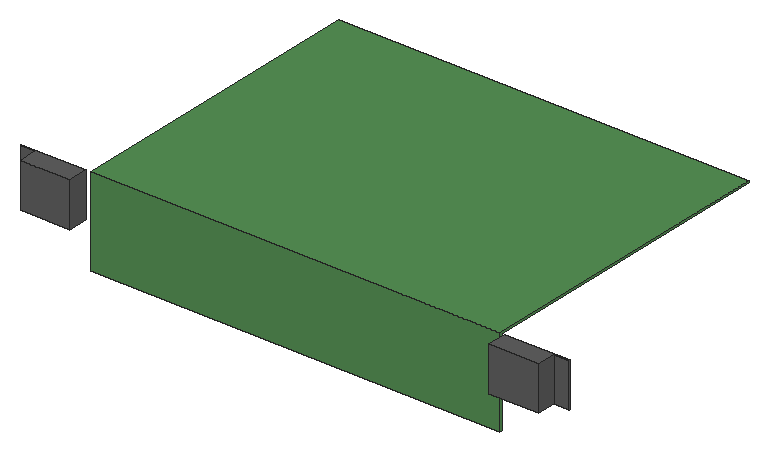
Revit family "Levelers_Kelley_HK", category Specialty Equipment, host Floor, Revit 2023
Family settings
  Host = Floor
  Round Connector Dimension = Use Diameter
  Part Type = Normal
  Enable Cutting in Views = No
  Always vertical = Yes
  Cut with Voids When Loaded = Yes
  Maintain Annotation Orientation = No
  Shared = No
  Room Calculation Point = No
Parameters (values of type "7x6")
  URL = "http://kelleyentrematic.com/"
  Model = "HK"
  Manufacturer = "Kelley Entrematic"
  Description = "Hydraulic Leveler"
  LipExtension = 0' - 0"
  PitWidth = 7' - 1"
  PitLength = 5' - 3"
  PitDepthR = PitDepth - 0' 0 1/2"  # 1' - 7 1/2"
  PitDepth = 1' - 8"
  LipLength = 1' - 6"
  Default Elevation = 0' - 0"
  Curb = 0' - 3"
  Capacity = "30-50K"
Types (24): name | LipExtension | PitWidth | PitLength | PitDepthR | PitDepth
  6x6 | 0' - 0" | 6' - 2" | 5' - 3" | 1' - 7 1/2" | 1' - 8"
  6x8 | 0' - 0" | 6' - 2" | 7' - 3" | 1' - 7 1/2" | 1' - 8"
  6.5x6 | 0' - 0" | 6' - 8" | 5' - 3" | 1' - 7 1/2" | 1' - 8"
  6.5x8 | 0' - 0" | 6' - 8" | 7' - 3" | 1' - 7 1/2" | 1' - 8"
  7x6 | 0' - 0" | 7' - 1" | 5' - 3" | 1' - 7 1/2" | 1' - 8"
  7x8 | 0' - 0" | 7' - 1" | 7' - 3" | 1' - 7 1/2" | 1' - 8"
  6x10 | 0' - 0" | 6' - 2" | 9' - 3" | 1' - 11 1/2" | 2' - 0"
  6.5x10 | 0' - 0" | 6' - 8" | 9' - 3" | 1' - 11 1/2" | 2' - 0"
  7x10 | 0' - 0" | 7' - 1" | 9' - 3" | 1' - 11 1/2" | 2' - 0"
  6x6 Barrier Lip | 0' - 5" | 6' - 2" | 5' - 3" | 1' - 7 1/2" | 1' - 8"
  6x8 Barrier Lip | 0' - 5" | 6' - 2" | 7' - 3" | 1' - 7 1/2" | 1' - 8"
  6x10 Barrier Lip | 0' - 5" | 6' - 2" | 9' - 3" | 1' - 11 1/2" | 2' - 0"
  7x10 Barrier Lip | 0' - 5" | 7' - 1" | 9' - 3" | 1' - 11 1/2" | 2' - 0"
  7x6 Barrier Lip | 0' - 5" | 7' - 1" | 5' - 3" | 1' - 7 1/2" | 1' - 8"
  7x8 Barrier Lip | 0' - 5" | 7' - 1" | 7' - 3" | 1' - 7 1/2" | 1' - 8"
  6.5x10 Barrier Lip | 0' - 5" | 6' - 8" | 9' - 3" | 1' - 11 1/2" | 2' - 0"
  6.5x6 Barrier Lip | 0' - 5" | 6' - 8" | 5' - 3" | 1' - 7 1/2" | 1' - 8"
  6.5x8 Barrier Lip | 0' - 5" | 6' - 8" | 7' - 3" | 1' - 7 1/2" | 1' - 8"
  6.5x12 | 0' - 0" | 6' - 8" | 11' - 3" | 1' - 11 1/2" | 2' - 0"
  6.5x12 Barrier Lip | 0' - 5" | 6' - 8" | 11' - 3" | 1' - 11 1/2" | 2' - 0"
  6x12 | 0' - 0" | 6' - 2" | 11' - 3" | 1' - 11 1/2" | 2' - 0"
  6x12 Barrier Lip | 0' - 5" | 6' - 2" | 11' - 3" | 1' - 11 1/2" | 2' - 0"
  7x12 | 0' - 0" | 7' - 1" | 11' - 3" | 1' - 11 1/2" | 2' - 0"
  7x12 Barrier Lip | 0' - 5" | 7' - 1" | 11' - 3" | 1' - 11 1/2" | 2' - 0"
Reference planes (in)
  plane 1 "Center (Front/Back)": y = 0
  plane 2: z = 0
  plane 3 "Center (Left/Right)": x = 0
  plane 4 "Lip Width": y = -59.5
  plane 5 "pit right": x = 42.5
  plane 6 "Pit left": x = -42.5
  plane 7 "pit rear": y = 3
  plane 8 "curb angle left": x = -45.5
  plane 9: x = -41.5
  plane 10 "curb angle right": x = 45.5
  plane 11: x = 41.5
  plane 12 "curb angle rear": y = 6
  plane 13 "Curb angle - Front": y = -57
  plane 14 "Edge of Dock": y = -60
  plane 15: z = -0.5
  plane 16: z = -19.5
  plane 17: z = -20
  plane 18: y = -9
  plane 19: y = -48
  plane 20 "Lip Length": z = -18
  plane 21: x = 63.5
  plane 22: x = -63.5
  plane 23: z = -3
  plane 24: z = -23
  plane 25: z = 0
  plane 26: z = 0
  plane 27: y = -60.25
  plane 28: y = -64
  plane 29: x = -52.625
  plane 30: x = -55.625
  plane 31: x = 52.625
  plane 32: x = 55.625
  plane 33: z = -9
Forms (in)
  Extrusion 1, void
    sketch origin (0, 0, 0) x (0, 1, 0) y (0, 0, 1)
      loop
        line (3, 0) -> (-60, 0) -> (-60, -20) -> (-48, -20) -> (-9, -19.5) -> (3, -19.5) -> (3, 0)
    from -42.5 to 42.5
  Extrusion 2, solid, material "Kelly Diamond"
    sketch origin (0, 0, 0) x (1, 0, 0) y (0, 1, 0)
      loop
        line (-41.5, 3) -> (-41.5, -60) -> (41.5, -60) -> (41.5, 3) -> (-41.5, 3)
    from -0.5 to 0
  Extrusion 3, solid, material "Kelly Diamond"
    sketch origin (0, 0, 0) x (1, 0, 0) y (0, 0, 1)
      loop
        line (-41.5, 0) -> (-41.5, -18) -> (41.5, -18) -> (41.5, 0) -> (-41.5, 0)
    from 59.5 to 60
  Extrusion 4, solid, material "BUMPER"
    sketch origin (0, 0, 0) x (-1, 0, 0) y (0, -1, 0)
      loop
        line (42.5, 60) -> (55.625, 60) -> (55.625, 60.25) -> (52.625, 60.25) -> (52.625, 64) -> (42.5, 64) -> (42.5, 60)
      loop
        line (-42.5, 60) -> (-42.5, 64) -> (-52.625, 64) -> (-52.625, 60.25) -> (-55.625, 60.25) -> (-55.625, 60) -> (-42.5, 60)
    from -9 to 0
Cuts and joins
  joined: Extrusion 2, Extrusion 3
Lines and regions (in)
  model lines
    curve 1: line (-45.5, 6, 0) -> (45.5, 6, 0)
    curve 2: line (45.5, 6, 0) -> (45.5, 3, 0)
    curve 3: line (45.5, 3, 0) -> (-45.5, 3, 0)
    curve 4: line (-45.5, 3, 0) -> (-45.5, 6, 0)
    curve 5: line (-45.5, 3, 0) -> (-45.5, -57, 0)
    curve 6: line (-42.5, -57, 0) -> (-42.5, 3, 0)
    curve 7: line (-42.5, -57, 0) -> (-63.5, -57, 0)
    curve 8: line (-63.5, -57, 0) -> (-63.5, -60, 0)
    curve 9: line (-63.5, -60, 0) -> (-42.5, -60, 0)
    curve 10: line (45.5, 3, 0) -> (45.5, -57, 0)
    curve 11: line (42.5, -57, 0) -> (42.5, 3, 0)
    curve 12: line (42.5, -60, 0) -> (63.5, -60, 0)
    curve 13: line (63.5, -60, 0) -> (63.5, -57, 0)
    curve 14: line (63.5, -57, 0) -> (42.5, -57, 0)
    curve 15: line (-63.5, -60, 0) -> (-63.5, -60, -3)
    curve 16: line (-63.5, -60, -3) -> (-42.5, -60, -3)
    curve 17: line (-42.5, -60, -3) -> (-42.5, -60, 0)
    curve 18: line (-45.5, -60, -3) -> (-45.5, -60, -23)
    curve 19: line (-45.5, -60, -20) -> (-42.5, -60, -20)
    curve 20: line (-45.5, -60, -23) -> (45.5, -60, -23)
    curve 21: line (45.5, -60, -23) -> (45.5, -60, -3)
    curve 22: line (42.5, -60, -20) -> (45.5, -60, -20)
    curve 23: line (42.5, -60, -20) -> (42.5, -60, 0)
    curve 24: line (42.5, -60, -3) -> (63.5, -60, -3)
    curve 25: line (63.5, -60, -3) -> (63.5, -60, 0)
    curve 26: line (-42.5, -60, -3) -> (-42.5, -60, -20)
    curve 27: line (-42.5, -60, -20) -> (42.5, -60, -20)
    curve 28: line (-42.5, -57, 0) -> (-42.5, -60, 0)
    curve 29: line (42.5, -57, 0) -> (42.5, -60, 0)
Dimensions and locks (in)
  equal spacing: host sketch curve, plane 1 "Center (Front/Back)", host sketch curve
  equal spacing: host sketch curve, plane 3 "Center (Left/Right)", host sketch curve
  host sketch curve to host sketch curve = 10' - 0"  (x2)
  equal spacing: plane 6 "Pit left", plane 3 "Center (Left/Right)", plane 5 "pit right"
  "PitWidth": plane 6 "Pit left" to plane 5 "pit right"
  "PitLength": plane 14 "Edge of Dock" to plane 7 "pit rear"
  "Curb": plane 8 "curb angle left" to plane 6 "Pit left"
  locked: plane 6 "Pit left" to plane 9 at 1
  locked: plane 11 to plane 5 "pit right" at 1
  "Curb": plane 5 "pit right" to plane 10 "curb angle right"
  "Curb": plane 7 "pit rear" to plane 12 "curb angle rear"
  "Curb": plane 14 "Edge of Dock" to plane 13 "Curb angle - Front"
  "PitDepthR": level to plane 16
  "PitDepth": level to plane 17
  locked: plane 7 "pit rear" to plane 18 at 12
  locked: plane 19 to plane 14 "Edge of Dock" at 12
  "LipLength": level to plane 20 "Lip Length"
  locked: plane 22 to plane 6 "Pit left" at 21
  locked: plane 5 "pit right" to plane 21 at 21
  "LipExtension": plane 26 to level
  locked: plane 24 to plane 17 at 3
  locked: level to plane 15 at 0.5
  locked: plane 14 "Edge of Dock" to plane 4 "Lip Width" at 0.5
  locked: plane 3 "Center (Left/Right)" to connector elem at 14
  locked: connector elem to level at 16
  locked: plane 29 to plane 6 "Pit left" at 10.125
  locked: plane 30 to plane 6 "Pit left" at 13.125
  locked: plane 28 to curve 9 at 4
  locked: curve 9 to plane 27 at 0.25
  locked: plane 5 "pit right" to plane 31 at 10.125
  locked: plane 5 "pit right" to plane 32 at 13.125
  locked: curve 9 to plane 33 at 9
  aligned and locked: level to plane 2
  aligned and locked: plane 14 "Edge of Dock" to host floor
  aligned and locked: plane 19 to Extrusion 1 sketch curve
  aligned and locked: plane 16 to Extrusion 1 sketch curve
  aligned and locked: Extrusion 1 sketch curve to plane 18
  aligned and locked: plane 17 to Extrusion 1 sketch curve
  aligned and locked: Extrusion 1 sketch curve to plane 14 "Edge of Dock"
  aligned and locked: Extrusion 1 to plane 6 "Pit left"
  aligned and locked: Extrusion 1 to plane 5 "pit right"
  aligned and locked: plane 7 "pit rear" to Extrusion 2 sketch curve
  aligned and locked: Extrusion 2 sketch curve to plane 9
  aligned and locked: Extrusion 2 sketch curve to plane 14 "Edge of Dock"
  aligned and locked: Extrusion 2 to plane 15
  aligned and locked: level to Extrusion 2
  aligned and locked: Extrusion 3 sketch curve to Extrusion 2
  aligned and locked: plane 20 "Lip Length" to Extrusion 3 sketch curve
  aligned and locked: Extrusion 3 sketch curve to plane 11
  aligned and locked: Extrusion 3 to plane 14 "Edge of Dock"
  aligned and locked: Extrusion 3 to plane 4 "Lip Width"
  aligned and locked: Extrusion 2 sketch curve to plane 11
  aligned and locked: curve 7 to plane 13 "Curb angle - Front"
  aligned and locked: curve 8 to plane 22
  aligned and locked: curve 5 to plane 8 "curb angle left"
  aligned and locked: plane 6 "Pit left" to curve 6
  aligned and locked: curve 3 to plane 7 "pit rear"
  aligned and locked: plane 12 "curb angle rear" to curve 1
  aligned and locked: curve 2 to plane 10 "curb angle right"
  aligned and locked: plane 5 "pit right" to curve 11
  aligned and locked: curve 10 to plane 10 "curb angle right"
  aligned and locked: curve 14 to plane 13 "Curb angle - Front"
  aligned and locked: plane 14 "Edge of Dock" to curve 12
  aligned and locked: curve 13 to plane 21
  aligned and locked: plane 24 to curve 18
  aligned and locked: curve 16 to plane 23
  aligned and locked: curve 15 to plane 22
  aligned and locked: plane 6 "Pit left" to curve 17
  aligned and locked: curve 22 to plane 5 "pit right"
  aligned and locked: curve 21 to plane 10 "curb angle right"
  aligned and locked: curve 22 to plane 17
  aligned and locked: curve 25 to plane 21
  aligned and locked: curve 19 to curve 27
  aligned and locked: curve 9 to plane 14 "Edge of Dock"
  aligned and locked: plane 26 to Extrusion 3 sketch curve
  aligned and locked: plane 23 to curve 24
  aligned and locked: plane 24 to curve 20
  aligned and locked: cut or joined group of Extrusion 2, Extrusion 3 to plane 7 "pit rear"  (x2)
  aligned and locked: Extrusion 4 sketch curve to plane 30
  aligned and locked: Extrusion 4 sketch curve to plane 29
  aligned and locked: Extrusion 4 sketch curve to plane 6 "Pit left"
  aligned and locked: plane 28 to Extrusion 4 sketch curve
  aligned and locked: Extrusion 4 sketch curve to plane 27  (x2)
  aligned and locked: Extrusion 4 sketch curve to curve 9
  aligned and locked: Extrusion 4 sketch curve to plane 32
  aligned and locked: plane 31 to Extrusion 4 sketch curve
  aligned and locked: Extrusion 4 sketch curve to plane 5 "pit right"
  aligned and locked: Extrusion 4 sketch curve to plane 28
  aligned and locked: Extrusion 4 sketch curve to curve 12
  aligned and locked: plane 33 to Extrusion 4
  aligned and locked: level to Extrusion 4
Automatic sketch dimensions
  Extrusion 1 sketch curve to level = 0' - 0"
  Extrusion 1 sketch curve to plane 7 "pit rear" = 0' - 0"
  plane 8 "curb angle left" to curve 20 = 0' - 0"
  curve 25 to level = 0' - 0"
  plane 21 to curve 25 = 0' - 0"
  curve 27 to plane 17 = 0' - 0"
  curve 16 to plane 23 = 0' - 0"
  curve 23 to level = 0' - 0"
  curve 17 to level = 0' - 0"
  curve 15 to level = 0' - 0"
Connectors (in)
  electrical at (14, 3, -16)
    settings: on plane 7 "pit rear", index 1, voltage 120 V, apparent load 0 VA, apparent load phase1 0 VA, apparent load phase2 0 VA, apparent load phase3 0 VA, power factor 1, load classification "Other", number of poles 1, system type 31, power factor state 1, is connector primary yes, connector utility no, sub classification motor no, connector description ""
